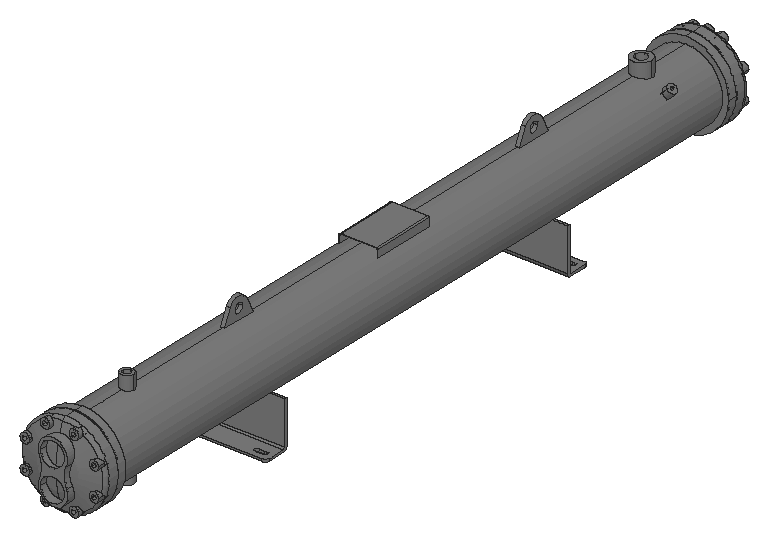
Revit family "MIT-BC_145_4P", category Specialty Equipment, Revit 2022
Family settings
  Round Connector Dimension = Use Radius
  Part Type = Normal
  Work Plane-Based = No
  Always vertical = Yes
  Cut with Voids When Loaded = No
  Maintain Annotation Orientation = No
  Shared = No
  Room Calculation Point = No
Parameters
  URL = "https://en.ekinendustriyel.com/evaporators-and-condensers"
  Test Pressure = 64.35 bar
  Production Standard = "TS EN 13831"
  Operating Pressure = 45.0 bar
  Model = "MIT-BC 145_4P"
  Manufacturer = "Ekin Endüstriyel"
  Keynote = "Condensers"
  Description = "MIT- Condensers"
  Default Elevation = 0 mm
Reference planes
  plane 1 "Center (Front/Back)": y = 0
  plane 2: z = 0
  plane 3 "Center (Left/Right)": x = 0
Forms (mm)
  Extrusion 1, solid, material "Ekin Endustriyel-S235JR", detail levels medium+fine
    sketch origin (0, 0, 0) x (1, 0, 0) y (0, 0, 1)
      loop
        circle (0, 164.15) r 84.15
    from -880 to 880
  Extrusion 2, solid, material "Ekin Endustriyel-S235JR", detail levels fine
    sketch origin (0, 0, 0) x (1, 0, 0) y (0, 0, 1)
      loop
        line (-45, 235.88) -> (-44, 235.88) -> (-44, 252.88)
        arc (-44, 252.88) -> (-43.414, 254.294) -> (-42, 254.88) r 2
        line (-42, 254.88) -> (42, 254.88)
        arc (42, 254.88) -> (43.414, 254.294) -> (44, 252.88) r 2
        line (44, 252.88) -> (44, 235.88) -> (45, 235.88) -> (45, 252.88)
        arc (45, 252.88) -> (44.121, 255.002) -> (42, 255.88) r 3
        line (42, 255.88) -> (-42, 255.88)
        arc (-42, 255.88) -> (-44.121, 255.002) -> (-45, 252.88) r 3
        line (-45, 252.88) -> (-45, 235.88)
    from -75 to 75
  Extrusion 3, solid, material "Ekin Endustriyel-S235JR", detail levels fine
    sketch origin (0, 500.19, 0) x (1, 0, 0) y (0, 1, 0)
      loop
        circle (0, 249.81) r 23.75
      loop
        circle (0, 249.81) r 14.25
    from 278.3 to 204.31
  Extrusion 4, solid, material "Ekin Endustriyel-S235JR", detail levels fine
    sketch origin (0, -499.666, 0) x (1, 0, 0) y (0, 1, 0)
      loop
        circle (0.015, -250.334) r 15.25
      loop
        circle (0.015, -250.334) r 8.928
    from 278.3 to 211.07
  Extrusion 5, solid, material "Ekin Endustriyel-S235JR", detail levels fine
    sketch origin (71.72, 749.856, 235.87) x (0, 1, 0) y (-0.707107, 0, 0.707107)
      loop
        circle (0, 0) r 11
      loop
        circle (0, 0) r 4.216
    from 0 to -32.02
  Extrusion 6, solid, material "Ekin Endustriyel-S235JR", detail levels fine
    sketch origin (0, -500.291, 0) x (1, 0, 0) y (0, 1, 0)
      loop
        circle (0.015, -249.709) r 16.75
      loop
        circle (0.015, -249.709) r 13.335
    from 51.131 to 169.15
  Extrusion 7, solid, material "Ekin Endustriyel-S235JR", detail levels medium+fine
    sketch origin (0, -549.666, 0) x (1, 0, 0) y (0, 0, 1)
      loop
        circle (0, 164.15) r 100
    from 330.334 to 350.334
  Extrusion 8, solid, material "Ekin Endustriyel-S235JR", detail levels medium+fine
    sketch origin (0, 1180.334, 0) x (1, 0, 0) y (0, 0, 1)
      loop
        circle (0, 164.15) r 100
    from 280.334 to 300.334
  Revolve 9, solid, material "Ekin Endustriyel-S235JR", detail levels medium+fine
    sketch origin (0, -549.666, 0) x (0, 1, 0) y (0, 0, 1)
      loop
        line (-352.334, 264.15) -> (-377.299, 264.15)
        arc (-377.299, 264.15) -> (-382.802, 262.5) -> (-386.489, 258.094) r 10
        arc (-386.489, 258.094) -> (-401.262, 212.101) -> (-407.122, 164.15) r 255.705
        line (-407.122, 164.15) -> (-352.334, 164.15) -> (-352.334, 264.15)
      axis (-352.334, 164.15) -> (-407.122, 164.15)
    angle from 0 to 360
  Extrusion 10, solid, material "Ekin Endustriyel-S235JR", detail levels medium+fine
    sketch origin (0, 549.666, 0) x (1, 0, 0) y (0, 0, -1)
      loop
        circle (0, -164.15) r 100
    from 330.334 to 350.334
  Revolve 11, solid, material "Ekin Endustriyel-S235JR", detail levels medium+fine
    sketch origin (0, 549.666, 0) x (0, -1, 0) y (0, 0, -1)
      loop
        line (-352.334, -264.15) -> (-352.334, -164.15) -> (-407.122, -164.15)
        arc (-407.122, -164.15) -> (-401.262, -212.101) -> (-386.489, -258.094) r 255.705
        arc (-386.489, -258.094) -> (-382.802, -262.5) -> (-377.299, -264.15) r 10
        line (-377.299, -264.15) -> (-352.334, -264.15)
      axis (-352.334, -164.15) -> (-407.122, -164.15)
    angle from 0 to 360
  Extrusion 12, solid, material "Ekin Endustriyel-S235JR", detail levels coarse
    sketch origin (0, 0, 0) x (1, 0, 0) y (0, 0, 1)
      loop
        circle (0, 164.159) r 99.991
    from -957 to 966.924
  Extrusion 13, solid, material "Ekin Endustriyel-S235JR"
    sketch origin (0, 275.334, 0) x (0, 1, 0) y (0, 0, 1)
      loop
        arc (134.666, 9) -> (137.302, 2.636) -> (143.666, 0) r 9
        line (143.666, 0) -> (194.666, 0) -> (194.666, 5) -> (143.666, 5)
        arc (143.666, 5) -> (140.837, 6.172) -> (139.666, 9) r 4
        line (139.666, 9) -> (139.666, 110) -> (134.666, 110) -> (134.666, 9)
    from -100 to 100
  Extrusion 14, void
    sketch origin (0, 470, 5) x (0, -1, 0) y (1, 0, 0)
      loop
        line (25.25, 63.5) -> (25.25, 83.5)
        arc (25.25, 83.5) -> (20, 88.75) -> (14.75, 83.5) r 5.25
        line (14.75, 83.5) -> (14.75, 63.5)
        arc (14.75, 63.5) -> (20, 58.25) -> (25.25, 63.5) r 5.25
      loop
        line (10, 100) -> (-10, 100) -> (-10, -100) -> (10, -100)
        arc (10, -100) -> (2.929, -97.071) -> (0, -90) r 10
        line (0, -90) -> (0, 90)
        arc (0, 90) -> (2.929, 97.071) -> (10, 100) r 10
      loop
        arc (14.75, -83.5) -> (20, -88.75) -> (25.25, -83.5) r 5.25
        line (25.25, -83.5) -> (25.25, -63.5)
        arc (25.25, -63.5) -> (20, -58.25) -> (14.75, -63.5) r 5.25
        line (14.75, -63.5) -> (14.75, -83.5)
    from -5 to 0
  Extrusion 15, solid, material "Ekin Endustriyel-S235JR"
    sketch origin (0, -275.334, 0) x (0, -1, 0) y (0, 0, -1)
      loop
        line (134.666, -9) -> (134.666, -110) -> (139.666, -110) -> (139.666, -9)
        arc (139.666, -9) -> (140.837, -6.172) -> (143.666, -5) r 4
        line (143.666, -5) -> (194.666, -5) -> (194.666, 0) -> (143.666, 0)
        arc (143.666, 0) -> (137.302, -2.636) -> (134.666, -9) r 9
    from -100 to 100
  Extrusion 16, void
    sketch origin (0, -470, 5) x (0, 1, 0) y (-1, 0, 0)
      loop
        arc (25.25, -63.5) -> (20, -58.25) -> (14.75, -63.5) r 5.25
        line (14.75, -63.5) -> (14.75, -83.5)
        arc (14.75, -83.5) -> (20, -88.75) -> (25.25, -83.5) r 5.25
        line (25.25, -83.5) -> (25.25, -63.5)
      loop
        arc (10, -100) -> (2.929, -97.071) -> (0, -90) r 10
        line (0, -90) -> (0, 90)
        arc (0, 90) -> (2.929, 97.071) -> (10, 100) r 10
        line (10, 100) -> (-10, 100) -> (-10, -100) -> (10, -100)
      loop
        line (14.75, 83.5) -> (14.75, 63.5)
        arc (14.75, 63.5) -> (20, 58.25) -> (25.25, 63.5) r 5.25
        line (25.25, 63.5) -> (25.25, 83.5)
        arc (25.25, 83.5) -> (20, 88.75) -> (14.75, 83.5) r 5.25
    from -5 to 0
  Extrusion 17, solid, material "Ekin Endustriyel-S235JR", detail levels medium+fine
    sketch origin (40, -549.666, 0) x (1, 0, 0) y (0, 0, 1)
      loop
        circle (-39.985, 201.65) r 28.5
      loop
        circle (-39.985, 126.65) r 28.5
      loop
        arc (-8.128, 185.875) -> (-37.187, 236.112) -> (-70.839, 188.829) r 34.5
        arc (-70.839, 188.829) -> (-65.102, 164.15) -> (-70.839, 139.471) r 55.945
        arc (-70.839, 139.471) -> (-38.81, 92.15) -> (-6.781, 139.471) r 34.5
        arc (-6.781, 139.471) -> (-12.495, 162.527) -> (-8.128, 185.875) r 55.945
    from 390.526 to 417.259
  Extrusion 18, solid, material "Ekin Endustriyel-S235JR", detail levels medium+fine
    sketch origin (0, 550.334, 0) x (1, 0, 0) y (0, 0, 1)
      loop
        circle (-80.837, 197.64) r 11
      loop
        circle (-80.837, 197.64) r 5.497
      loop
        circle (-80.837, 130.66) r 11
      loop
        circle (-80.837, 130.66) r 5.497
      loop
        circle (80.837, 197.64) r 11
      loop
        circle (80.837, 197.64) r 5.497
      loop
        circle (80.837, 130.66) r 11
      loop
        circle (80.837, 130.66) r 5.497
      loop
        circle (33.49, 244.987) r 11
      loop
        circle (33.49, 244.987) r 5.497
      loop
        circle (-33.49, 244.987) r 11
      loop
        circle (-33.49, 244.987) r 5.497
      loop
        circle (33.49, 83.313) r 11
      loop
        circle (33.49, 83.313) r 5.497
      loop
        circle (-33.49, 83.313) r 11
      loop
        circle (-33.49, 83.313) r 5.497
      loop
        circle (0, 246.649) r 12.497
      loop
        circle (0, 246.649) r 5.497
      loop
        circle (0, 81.651) r 12.497
      loop
        circle (0, 81.651) r 5.497
    from -396.666 to -367.889
  Extrusion 19, solid, material "Ekin Endustriyel-S235JR", detail levels medium+fine
    sketch origin (0, -549.666, 0) x (1, 0, 0) y (0, 0, -1)
      loop
        circle (-80.837, -197.64) r 11
      loop
        circle (-80.837, -197.64) r 5.497
      loop
        circle (-80.837, -130.66) r 11
      loop
        circle (-80.837, -130.66) r 5.497
      loop
        circle (80.837, -197.64) r 11
      loop
        circle (80.837, -197.64) r 5.497
      loop
        circle (80.837, -130.66) r 11
      loop
        circle (80.837, -130.66) r 5.497
      loop
        circle (33.49, -244.987) r 11
      loop
        circle (33.49, -244.987) r 5.497
      loop
        circle (-33.49, -244.987) r 11
      loop
        circle (-33.49, -244.987) r 5.497
      loop
        circle (33.49, -83.313) r 11
      loop
        circle (33.49, -83.313) r 5.497
      loop
        circle (-33.49, -83.313) r 11
      loop
        circle (-33.49, -83.313) r 5.497
    from -396.666 to -367.889
  Extrusion 20, solid, material "Ekin Endustriyel-S235JR", detail levels medium+fine
    sketch origin (0, 550.334, 0) x (1, 0, 0) y (0, 0, 1)
      loop
        circle (-35.355, 199.505) r 22
      loop
        circle (35.355, 128.795) r 22
    from -406.666 to -351.666
  Extrusion 21, solid, material "Ekin Endustriyel-S235JR", detail levels fine
    sketch origin (0, -0.334, 0) x (0, -1, 0) y (0, 0, -1)
      loop
        line (-470.334, -248.151) -> (-452.806, -284.106)
        arc (-452.806, -284.106) -> (-430.334, -298.151) -> (-407.863, -284.106) r 25
        line (-407.863, -284.106) -> (-390.334, -248.151) -> (-470.334, -248.151)
      loop
        circle (-430.334, -273.151) r 12.5
      loop
        line (469.666, -248.151) -> (389.666, -248.151) -> (407.194, -284.106)
        arc (407.194, -284.106) -> (429.666, -298.151) -> (452.137, -284.106) r 25
        line (452.137, -284.106) -> (469.666, -248.151)
      loop
        circle (429.666, -273.151) r 12.5
    from -5 to 5
Cuts and joins
  Extrusion 14, Extrusion 16 cuts Extrusion 13
  Extrusion 16 cuts Extrusion 15
Dimensions and locks
  aligned and locked: level to plane 2
Connectors
  piping at (0.015, -966.924, 201.65), diameter 50.8
    settings: on Extrusion 17, index 1, connector inside diameter 609.6 mm, connector length 0 mm, flow factor 0, pipe flow 0.0 L/s, pressure drop 0.0 Pa, fitting loss kfactor 0, connector angle 0.00°, fixture units 0, engagement length 0 mm, angle of deflection 0.00°, flow configuration 0, flow direction 1, fitting loss method 0, system type 7, joint type 0, gender type 0, connector reference index -1, connector utility 0, adjustable connector no, is connector primary yes, connector description ""
  piping at (0.015, -966.924, 126.65), diameter 50.8
    settings: on Extrusion 17, index 2, connector inside diameter 609.6 mm, connector length 0 mm, flow factor 0, pipe flow 0.0 L/s, pressure drop 0.0 Pa, fitting loss kfactor 0, connector angle 0.00°, fixture units 0, engagement length 0 mm, angle of deflection 0.00°, flow configuration 0, flow direction 2, fitting loss method 0, system type 7, joint type 0, gender type 0, connector reference index -1, connector utility 0, adjustable connector no, is connector primary no, connector description ""
  hvac at (0, 750, 278.3)
    settings: on Extrusion 3, index 3, duct flow 0.0 L/s, flow factor 0, pres drop 0.0 bar, loss coef 0, conn angle 0.00°, conn width 304.8 mm, conn height 304.8 mm, conn diameter 42 mm, duct sys type 3, conn prof type 0, flow config 0, flow direction 0, loss method 0, conn ref index -1, conn util no, is conn primary yes, conn desc ""
  hvac at (0.015, -750, 51.131)
    settings: on Extrusion 6, index 4, duct flow 0.0 L/s, flow factor 0, pres drop 0.0 bar, loss coef 0, conn angle 0.00°, conn width 304.8 mm, conn height 304.8 mm, conn diameter 35 mm, duct sys type 3, conn prof type 0, flow config 0, flow direction 0, loss method 0, conn ref index -1, conn util no, is conn primary no, conn desc ""
